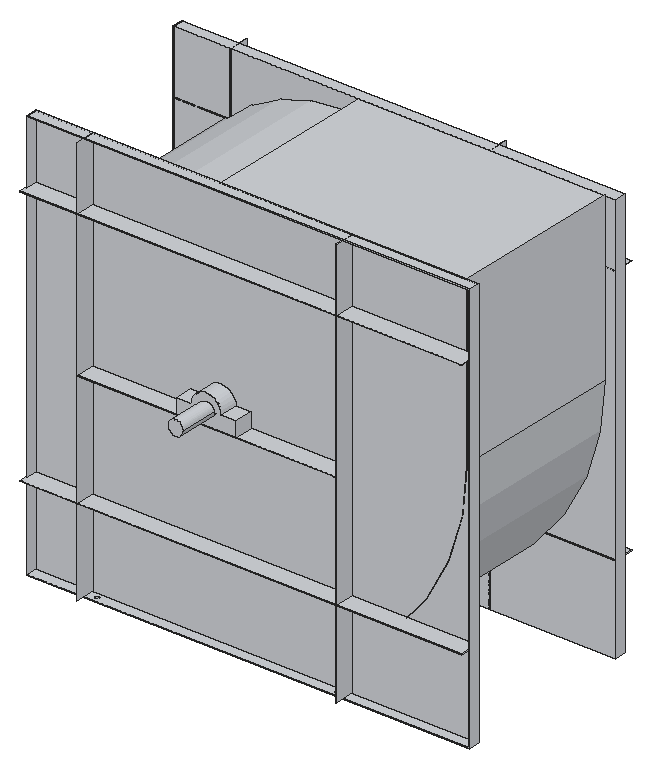
Revit family "CA-4_SWSI_ARR_3_CCW_UBD", category Mechanical Equipment, Revit 2019
Family settings
  Round Connector Dimension = Use Radius
  Part Type = Normal
  Work Plane-Based = No
  Always vertical = Yes
  Cut with Voids When Loaded = No
  Shared = No
  Room Calculation Point = No
Parameters (values of type "600_CA-4_SWSI_ARR_3_CCW_UBD_CLASS_3")
  S = 32"
  R = 49 5/16"
  P = 24 21/32"
  O/2 = O / 2  # 17/32"
  O = 1 1/16"
  N/2 = N / 2  # 1 31/32"
  N = 3 15/16"
  ModelID [instance] = ""
  M = 66 11/16"
  L = 10"
  K = 56 11/16"
  J = 3"
  INLET_RAD/2 = INLET_RAD / 2  # 16 1/2"
  INLET_RAD+1.5" = INLET_RAD + 1 1/2"  # 34 1/2"
  INLET_RAD = INLET_DIA / 2  # 33"
  INLET_DIA = 66"
  H = 51 5/8"
  E = 49 3/4"
  F-E = F - E  # 68 1/4"
  F = 118"
  G = 109 5/8"
  Unit Weight [instance] = ""
  Sones [instance] = ""
  Motor RPM [instance] = ""
  Motor Enclosure [instance] = ""
  LwA [instance] = ""
  Fan RPM [instance] = ""
  E-(INLET_RAD+1.5") = G - H - (INLET_RAD + 1 1/2")  # 23 1/2"
  E+(INLET_RAD+1.5") = G - H + (INLET_RAD + 1 1/2")  # 92 1/2"
  G-H = G - H  # 58"
  D-((D-B)/2) = D - ((D - B) / 2)  # 48 13/16"
  D = 51 13/16"
  B = 45 13/16"
  Accessories [instance] = ""
  A = 65 5/8"
  3" = 3"  # constant formula
  Brake Hp [instance] = ""
  4" = 4"  # constant formula
  2N = N + N  # 7 7/8"
  2' = 24"
  2" = 2"  # constant formula
  1" = 1"  # constant formula
  0 = 0"  # constant formula
  Voltage [instance] = 0 V
  URL = "www.lorencook.com"
  Type Comments = "Airfoil Centrifugal Blower Arrangement 3 Counter-Clockwise Up Blast Discharge"  # constant formula
  Static Pressure [instance] = 0.00 in-wg
  Power [instance] = Voltage * Motor FLA * sqrt(if(Phase = 3, 3, 1))  # 0 VA
  Phase [instance] = 0
  Number of Poles [instance] = 1
  Motor Hp [instance] = "0"
  Motor FLA [instance] = 0 A
  Model = "CA-4 SWSI ARR 3 CCW UBD CLASS 3"
  Manufacturer = "Loren Cook Company"
  CFM [instance] = 0 CFM
  1.5 = 1 1/2"  # constant formula
  ONE EIGTH = 1/8"  # constant formula
  -(((K-B)/2)-.125") = -(((K - B) / 2) - 1/8")  # -5 5/16"
  (R-B)/2 = (R - B) / 2  # 1 3/4"
  ((K-B)/2)+B = ((K - B) / 2) + B  # 51 1/4"
  (D-B)/2 = (D - B) / 2  # 3"
  -(((K-B)/2)+L) = -(((K - B) / 2) + L)  # -15 7/16"
  ((D-B)/2)-.125" = ((D - B) / 2) - 1/8"  # 2 7/8"
Types (55): name | S | R | P | O/2 | O | N/2 | N | M | L | K | J | INLET_RAD/2 | INLET_RAD+1.5" | INLET_RAD | INLET_DIA | H | E | F-E | F | G | E-(INLET_RAD+1.5") | E+(INLET_RAD+1.5") | G-H | D-((D-B)/2) | D | B | A | 2N | Model | -(((K-B)/2)-.125") | (R-B)/2 | ((K-B)/2)+B | (D-B)/2 | -(((K-B)/2)+L) | ((D-B)/2)-.125"
  (no name) | 32" | 49 5/16" | 24 21/32" | 17/32" | 1 1/16" | 1 31/32" | 3 15/16" | 66 11/16" | 10" | 56 11/16" | 3" | 16 1/2" | 34 1/2" | 33" | 66" | 51 5/8" | 49 3/4" | 68 1/4" | 118" | 109 5/8" | 23 1/2" | 92 1/2" | 58" | 48 13/16" | 51 13/16" | 45 13/16" | 65 5/8" | 7 7/8" | "CA-4 SWSI ARR 3 CCW UBD CLASS 3" | -5 5/16" | 1 3/4" | 51 1/4" | 3" | -15 7/16" | 2 7/8"
  120_CA-4_SWSI_ARR_3_CCW_UBD_CLASS_1 | 7 1/2" | 11 7/16" | 5 23/32" | 11/32" | 11/16" | 1/2" | 1" | 18 7/8" | 3" | 15 7/8" | 2" | 4 1/16" | 9 5/8" | 8 1/8" | 16 1/4" | 10 3/8" | 10 3/4" | 15" | 25 3/4" | 22 3/4" | 2 3/4" | 22" | 12 3/8" | 11 3/16" | 13 3/16" | 9 3/16" | 13 1/8" | 2" | "CA-4 SWSI ARR 3 CCW UBD CLASS 1" | -3 7/32" | 1 1/8" | 12 17/32" | 2" | -6 11/32" | 1 7/8"
  120_CA-4_SWSI_ARR_3_CCW_UBD_CLASS_2 | 7 1/2" | 11 7/16" | 5 23/32" | 11/32" | 11/16" | 1/2" | 1" | 18 7/8" | 3" | 15 7/8" | 2" | 4 1/16" | 9 5/8" | 8 1/8" | 16 1/4" | 10 3/8" | 10 3/4" | 15" | 25 3/4" | 22 3/4" | 2 3/4" | 22" | 12 3/8" | 11 3/16" | 13 3/16" | 9 3/16" | 13 1/8" | 2" | "CA-4 SWSI ARR 3 CCW UBD CLASS 2" | -3 7/32" | 1 1/8" | 12 17/32" | 2" | -6 11/32" | 1 7/8"
  120_CA-4_SWSI_ARR_3_CCW_UBD_CLASS_3 | 7 1/2" | 11 7/16" | 5 23/32" | 11/32" | 11/16" | 19/32" | 1 3/16" | 18 7/8" | 3" | 15 7/8" | 2" | 4 1/16" | 9 5/8" | 8 1/8" | 16 1/4" | 10 3/8" | 10 3/4" | 15" | 25 3/4" | 22 3/4" | 2 3/4" | 22" | 12 3/8" | 11 3/16" | 13 3/16" | 9 3/16" | 13 1/8" | 2 3/8" | "CA-4 SWSI ARR 3 CCW UBD CLASS 3" | -3 7/32" | 1 1/8" | 12 17/32" | 2" | -6 11/32" | 1 7/8"
  135_CA-4_SWSI_ARR_3_CCW_UBD_CLASS_1 | 8 1/2" | 12 9/16" | 6 9/32" | 11/32" | 11/16" | 1/2" | 1" | 20" | 3" | 17" | 2" | 4 7/16" | 10 3/8" | 8 7/8" | 17 3/4" | 11 5/8" | 12" | 16 3/4" | 28 3/4" | 25 1/2" | 3 1/2" | 24 1/4" | 13 7/8" | 12 5/16" | 14 5/16" | 10 5/16" | 14 3/4" | 2" | "CA-4 SWSI ARR 3 CCW UBD CLASS 1" | -3 7/32" | 1 1/8" | 13 21/32" | 2" | -6 11/32" | 1 7/8"
  135_CA-4_SWSI_ARR_3_CCW_UBD_CLASS_2 | 8 1/2" | 12 9/16" | 6 9/32" | 11/32" | 11/16" | 1/2" | 1" | 20" | 3" | 17" | 2" | 4 7/16" | 10 3/8" | 8 7/8" | 17 3/4" | 11 5/8" | 12" | 16 3/4" | 28 3/4" | 25 1/2" | 3 1/2" | 24 1/4" | 13 7/8" | 12 5/16" | 14 5/16" | 10 5/16" | 14 3/4" | 2" | "CA-4 SWSI ARR 3 CCW UBD CLASS 2" | -3 7/32" | 1 1/8" | 13 21/32" | 2" | -6 11/32" | 1 7/8"
  135_CA-4_SWSI_ARR_3_CCW_UBD_CLASS_3 | 8 1/2" | 12 9/16" | 6 9/32" | 11/32" | 11/16" | 19/32" | 1 3/16" | 20" | 3" | 17" | 2" | 4 7/16" | 10 3/8" | 8 7/8" | 17 3/4" | 11 5/8" | 12" | 16 3/4" | 28 3/4" | 25 1/2" | 3 1/2" | 24 1/4" | 13 7/8" | 12 5/16" | 14 5/16" | 10 5/16" | 14 3/4" | 2 3/8" | "CA-4 SWSI ARR 3 CCW UBD CLASS 3" | -3 7/32" | 1 1/8" | 13 21/32" | 2" | -6 11/32" | 1 7/8"
  150_CA-4_SWSI_ARR_3_CCW_UBD_CLASS_1 | 9" | 13 11/16" | 6 27/32" | 11/32" | 11/16" | 1/2" | 1" | 21 1/8" | 3" | 18 1/8" | 2" | 4 13/16" | 11 1/8" | 9 5/8" | 19 1/4" | 12 7/8" | 13 1/4" | 18 3/8" | 31 5/8" | 28 1/8" | 4 1/8" | 26 3/8" | 15 1/4" | 13 7/16" | 15 7/16" | 11 7/16" | 16 7/16" | 2" | "CA-4 SWSI ARR 3 CCW UBD CLASS 1" | -3 7/32" | 1 1/8" | 14 25/32" | 2" | -6 11/32" | 1 7/8"
  150_CA-4_SWSI_ARR_3_CCW_UBD_CLASS_2 | 9" | 13 11/16" | 6 27/32" | 11/32" | 11/16" | 19/32" | 1 3/16" | 21 1/8" | 3" | 18 1/8" | 2" | 4 13/16" | 11 1/8" | 9 5/8" | 19 1/4" | 12 7/8" | 13 1/4" | 18 3/8" | 31 5/8" | 28 1/8" | 4 1/8" | 26 3/8" | 15 1/4" | 13 7/16" | 15 7/16" | 11 7/16" | 16 7/16" | 2 3/8" | "CA-4 SWSI ARR 3 CCW UBD CLASS 2" | -3 7/32" | 1 1/8" | 14 25/32" | 2" | -6 11/32" | 1 7/8"
  150_CA-4_SWSI_ARR_3_CCW_UBD_CLASS_3 | 9" | 13 11/16" | 6 27/32" | 11/32" | 11/16" | 23/32" | 1 7/16" | 21 1/8" | 3" | 18 1/8" | 2" | 4 13/16" | 11 1/8" | 9 5/8" | 19 1/4" | 12 7/8" | 13 1/4" | 18 3/8" | 31 5/8" | 28 1/8" | 4 1/8" | 26 3/8" | 15 1/4" | 13 7/16" | 15 7/16" | 11 7/16" | 16 7/16" | 2 7/8" | "CA-4 SWSI ARR 3 CCW UBD CLASS 3" | -3 7/32" | 1 1/8" | 14 25/32" | 2" | -6 11/32" | 1 7/8"
  165_CA-4_SWSI_ARR_3_CCW_UBD_CLASS_1 | 10" | 14 7/8" | 7 7/16" | 11/32" | 11/16" | 1/2" | 1" | 23 15/16" | 4" | 19 5/16" | 2" | 5 5/16" | 12 1/8" | 10 5/8" | 21 1/4" | 14 1/4" | 14 3/8" | 20" | 34 3/8" | 30 7/8" | 4 1/2" | 28 3/4" | 16 5/8" | 14 5/8" | 16 5/8" | 12 5/8" | 18 1/16" | 2" | "CA-4 SWSI ARR 3 CCW UBD CLASS 1" | -3 7/32" | 1 1/8" | 15 31/32" | 2" | -7 11/32" | 1 7/8"
  165_CA-4_SWSI_ARR_3_CCW_UBD_CLASS_2 | 10" | 14 7/8" | 7 7/16" | 11/32" | 11/16" | 19/32" | 1 3/16" | 23 15/16" | 4" | 19 5/16" | 2" | 5 5/16" | 12 1/8" | 10 5/8" | 21 1/4" | 14 1/4" | 14 3/8" | 20" | 34 3/8" | 30 7/8" | 4 1/2" | 28 3/4" | 16 5/8" | 14 5/8" | 16 5/8" | 12 5/8" | 18 1/16" | 2 3/8" | "CA-4 SWSI ARR 3 CCW UBD CLASS 2" | -3 7/32" | 1 1/8" | 15 31/32" | 2" | -7 11/32" | 1 7/8"
  165_CA-4_SWSI_ARR_3_CCW_UBD_CLASS_3 | 10" | 14 7/8" | 7 7/16" | 11/32" | 11/16" | 23/32" | 1 7/16" | 23 15/16" | 4" | 19 5/16" | 2" | 5 5/16" | 12 1/8" | 10 5/8" | 21 1/4" | 14 1/4" | 14 3/8" | 20" | 34 3/8" | 30 7/8" | 4 1/2" | 28 3/4" | 16 5/8" | 14 5/8" | 16 5/8" | 12 5/8" | 18 1/16" | 2 7/8" | "CA-4 SWSI ARR 3 CCW UBD CLASS 3" | -3 7/32" | 1 1/8" | 15 31/32" | 2" | -7 11/32" | 1 7/8"
  180_CA-4_SWSI_ARR_3_CCW_UBD_CLASS_1 | 11" | 16" | 8" | 11/32" | 11/16" | 19/32" | 1 3/16" | 24 15/16" | 4 1/2" | 20 7/16" | 2" | 5 11/16" | 12 7/8" | 11 3/8" | 22 3/4" | 15 1/2" | 15 5/8" | 21 1/2" | 37 1/8" | 33 5/8" | 5 1/4" | 31" | 18 1/8" | 15 3/4" | 17 3/4" | 13 3/4" | 19 11/16" | 2 3/8" | "CA-4 SWSI ARR 3 CCW UBD CLASS 1" | -3 7/32" | 1 1/8" | 17 3/32" | 2" | -7 27/32" | 1 7/8"
  180_CA-4_SWSI_ARR_3_CCW_UBD_CLASS_2 | 11" | 16" | 8" | 11/32" | 11/16" | 23/32" | 1 7/16" | 24 15/16" | 4 1/2" | 20 7/16" | 2" | 5 11/16" | 12 7/8" | 11 3/8" | 22 3/4" | 15 1/2" | 15 5/8" | 21 1/2" | 37 1/8" | 33 5/8" | 5 1/4" | 31" | 18 1/8" | 15 3/4" | 17 3/4" | 13 3/4" | 19 11/16" | 2 7/8" | "CA-4 SWSI ARR 3 CCW UBD CLASS 2" | -3 7/32" | 1 1/8" | 17 3/32" | 2" | -7 27/32" | 1 7/8"
  180_CA-4_SWSI_ARR_3_CCW_UBD_CLASS_3 | 11" | 16" | 8" | 11/32" | 11/16" | 27/32" | 1 11/16" | 24 15/16" | 4 1/2" | 20 7/16" | 2" | 5 11/16" | 12 7/8" | 11 3/8" | 22 3/4" | 15 1/2" | 15 5/8" | 21 1/2" | 37 1/8" | 33 5/8" | 5 1/4" | 31" | 18 1/8" | 15 3/4" | 17 3/4" | 13 3/4" | 19 11/16" | 3 3/8" | "CA-4 SWSI ARR 3 CCW UBD CLASS 3" | -3 7/32" | 1 1/8" | 17 3/32" | 2" | -7 27/32" | 1 7/8"
  195_CA-4_SWSI_ARR_3_CCW_UBD_CLASS_1 | 11 1/2" | 17 3/16" | 8 19/32" | 11/32" | 11/16" | 23/32" | 1 7/16" | 27 3/16" | 4 1/2" | 22 11/16" | 2" | 6 1/16" | 13 5/8" | 12 1/8" | 24 1/4" | 16 3/4" | 16 3/4" | 23 1/4" | 40" | 36 1/4" | 5 7/8" | 33 1/8" | 19 1/2" | 16 15/16" | 18 15/16" | 14 15/16" | 21 5/16" | 2 7/8" | "CA-4 SWSI ARR 3 CCW UBD CLASS 1" | -3 3/4" | 1 1/8" | 18 13/16" | 2" | -8 3/8" | 1 7/8"
  195_CA-4_SWSI_ARR_3_CCW_UBD_CLASS_2 | 11 1/2" | 17 3/16" | 8 19/32" | 11/32" | 11/16" | 23/32" | 1 7/16" | 27 3/16" | 4 1/2" | 22 11/16" | 2" | 6 1/16" | 13 5/8" | 12 1/8" | 24 1/4" | 16 3/4" | 16 3/4" | 23 1/4" | 40" | 36 1/4" | 5 7/8" | 33 1/8" | 19 1/2" | 16 15/16" | 18 15/16" | 14 15/16" | 21 5/16" | 2 7/8" | "CA-4 SWSI ARR 3 CCW UBD CLASS 2" | -3 3/4" | 1 1/8" | 18 13/16" | 2" | -8 3/8" | 1 7/8"
  195_CA-4_SWSI_ARR_3_CCW_UBD_CLASS_3 | 11 1/2" | 17 3/16" | 8 19/32" | 11/32" | 11/16" | 27/32" | 1 11/16" | 27 3/16" | 4 1/2" | 22 11/16" | 2" | 6 1/16" | 13 5/8" | 12 1/8" | 24 1/4" | 16 3/4" | 16 3/4" | 23 1/4" | 40" | 36 1/4" | 5 7/8" | 33 1/8" | 19 1/2" | 16 15/16" | 18 15/16" | 14 15/16" | 21 5/16" | 3 3/8" | "CA-4 SWSI ARR 3 CCW UBD CLASS 3" | -3 3/4" | 1 1/8" | 18 13/16" | 2" | -8 3/8" | 1 7/8"
  210_CA-4_SWSI_ARR_3_CCW_UBD_CLASS_1 | 12" | 18 5/16" | 9 5/32" | 13/32" | 13/16" | 23/32" | 1 7/16" | 28 13/16" | 5" | 23 13/16" | 2" | 6 1/2" | 14 1/2" | 13" | 26" | 18 1/8" | 18" | 24 7/8" | 42 7/8" | 39 1/8" | 6 1/2" | 35 1/2" | 21" | 18 1/16" | 20 1/16" | 16 1/16" | 23" | 2 7/8" | "CA-4 SWSI ARR 3 CCW UBD CLASS 1" | -3 3/4" | 1 1/8" | 19 15/16" | 2" | -8 7/8" | 1 7/8"
  210_CA-4_SWSI_ARR_3_CCW_UBD_CLASS_2 | 12" | 18 5/16" | 9 5/32" | 13/32" | 13/16" | 23/32" | 1 7/16" | 28 13/16" | 5" | 23 13/16" | 2" | 6 1/2" | 14 1/2" | 13" | 26" | 18 1/8" | 18" | 24 7/8" | 42 7/8" | 39 1/8" | 6 1/2" | 35 1/2" | 21" | 18 1/16" | 20 1/16" | 16 1/16" | 23" | 2 7/8" | "CA-4 SWSI ARR 3 CCW UBD CLASS 2" | -3 3/4" | 1 1/8" | 19 15/16" | 2" | -8 7/8" | 1 7/8"
  210_CA-4_SWSI_ARR_3_CCW_UBD_CLASS_3 | 12" | 18 5/16" | 9 5/32" | 13/32" | 13/16" | 27/32" | 1 11/16" | 28 13/16" | 5" | 23 13/16" | 2" | 6 1/2" | 14 1/2" | 13" | 26" | 18 1/8" | 18" | 24 7/8" | 42 7/8" | 39 1/8" | 6 1/2" | 35 1/2" | 21" | 18 1/16" | 20 1/16" | 16 1/16" | 23" | 3 3/8" | "CA-4 SWSI ARR 3 CCW UBD CLASS 3" | -3 3/4" | 1 1/8" | 19 15/16" | 2" | -8 7/8" | 1 7/8"
  225_CA-4_SWSI_ARR_3_CCW_UBD_CLASS_1 | 12 1/2" | 19 7/16" | 9 23/32" | 13/32" | 13/16" | 23/32" | 1 7/16" | 29 15/16" | 5" | 24 15/16" | 2" | 6 7/8" | 15 1/4" | 13 3/4" | 27 1/2" | 19 3/8" | 19 1/4" | 26 1/2" | 45 3/4" | 41 3/4" | 7 1/8" | 37 5/8" | 22 3/8" | 19 3/16" | 21 3/16" | 17 3/16" | 24 5/8" | 2 7/8" | "CA-4 SWSI ARR 3 CCW UBD CLASS 1" | -3 3/4" | 1 1/8" | 21 1/16" | 2" | -8 7/8" | 1 7/8"
  225_CA-4_SWSI_ARR_3_CCW_UBD_CLASS_2 | 12 1/2" | 19 7/16" | 9 23/32" | 13/32" | 13/16" | 23/32" | 1 7/16" | 29 15/16" | 5" | 24 15/16" | 2" | 6 7/8" | 15 1/4" | 13 3/4" | 27 1/2" | 19 3/8" | 19 1/4" | 26 1/2" | 45 3/4" | 41 3/4" | 7 1/8" | 37 5/8" | 22 3/8" | 19 3/16" | 21 3/16" | 17 3/16" | 24 5/8" | 2 7/8" | "CA-4 SWSI ARR 3 CCW UBD CLASS 2" | -3 3/4" | 1 1/8" | 21 1/16" | 2" | -8 7/8" | 1 7/8"
  225_CA-4_SWSI_ARR_3_CCW_UBD_CLASS_3 | 12 1/2" | 19 7/16" | 9 23/32" | 13/32" | 13/16" | 27/32" | 1 11/16" | 29 15/16" | 5" | 24 15/16" | 2" | 6 7/8" | 15 1/4" | 13 3/4" | 27 1/2" | 19 3/8" | 19 1/4" | 26 1/2" | 45 3/4" | 41 3/4" | 7 1/8" | 37 5/8" | 22 3/8" | 19 3/16" | 21 3/16" | 17 3/16" | 24 5/8" | 3 3/8" | "CA-4 SWSI ARR 3 CCW UBD CLASS 3" | -3 3/4" | 1 1/8" | 21 1/16" | 2" | -8 7/8" | 1 7/8"
  245_CA-4_SWSI_ARR_3_CCW_UBD_CLASS_1 | 13 1/2" | 21" | 10 1/2" | 13/32" | 13/16" | 23/32" | 1 7/16" | 32" | 5 1/2" | 26 1/2" | 2" | 7 3/8" | 16 1/4" | 14 3/4" | 29 1/2" | 21 1/8" | 20 7/8" | 28 5/8" | 49 1/2" | 45 3/8" | 8" | 40 1/2" | 24 1/4" | 20 3/4" | 22 3/4" | 18 3/4" | 26 13/16" | 2 7/8" | "CA-4 SWSI ARR 3 CCW UBD CLASS 1" | -3 3/4" | 1 1/8" | 22 5/8" | 2" | -9 3/8" | 1 7/8"
  245_CA-4_SWSI_ARR_3_CCW_UBD_CLASS_2 | 13 1/2" | 21" | 10 1/2" | 13/32" | 13/16" | 27/32" | 1 11/16" | 32" | 5 1/2" | 26 1/2" | 2" | 7 3/8" | 16 1/4" | 14 3/4" | 29 1/2" | 21 1/8" | 20 7/8" | 28 5/8" | 49 1/2" | 45 3/8" | 8" | 40 1/2" | 24 1/4" | 20 3/4" | 22 3/4" | 18 3/4" | 26 13/16" | 3 3/8" | "CA-4 SWSI ARR 3 CCW UBD CLASS 2" | -3 3/4" | 1 1/8" | 22 5/8" | 2" | -9 3/8" | 1 7/8"
  245_CA-4_SWSI_ARR_3_CCW_UBD_CLASS_3 | 13 1/2" | 21" | 10 1/2" | 13/32" | 13/16" | 31/32" | 1 15/16" | 32" | 5 1/2" | 26 1/2" | 2" | 7 3/8" | 16 1/4" | 14 3/4" | 29 1/2" | 21 1/8" | 20 7/8" | 28 5/8" | 49 1/2" | 45 3/8" | 8" | 40 1/2" | 24 1/4" | 20 3/4" | 22 3/4" | 18 3/4" | 26 13/16" | 3 7/8" | "CA-4 SWSI ARR 3 CCW UBD CLASS 3" | -3 3/4" | 1 1/8" | 22 5/8" | 2" | -9 3/8" | 1 7/8"
  270_CA-4_SWSI_ARR_3_CCW_UBD_CLASS_1 | 15" | 22 7/8" | 11 7/16" | 13/32" | 13/16" | 23/32" | 1 7/16" | 34 3/8" | 6" | 28 3/8" | 2" | 8" | 17 1/2" | 16" | 32" | 23 1/4" | 23 3/8" | 31 3/8" | 54 3/4" | 49 7/8" | 9 1/8" | 44 1/8" | 26 5/8" | 22 5/8" | 24 5/8" | 20 5/8" | 29 9/16" | 2 7/8" | "CA-4 SWSI ARR 3 CCW UBD CLASS 1" | -3 3/4" | 1 1/8" | 24 1/2" | 2" | -9 7/8" | 1 7/8"
  270_CA-4_SWSI_ARR_3_CCW_UBD_CLASS_2 | 15" | 22 7/8" | 11 7/16" | 13/32" | 13/16" | 27/32" | 1 11/16" | 34 3/8" | 6" | 28 3/8" | 2" | 8" | 17 1/2" | 16" | 32" | 23 1/4" | 23 3/8" | 31 3/8" | 54 3/4" | 49 7/8" | 9 1/8" | 44 1/8" | 26 5/8" | 22 5/8" | 24 5/8" | 20 5/8" | 29 9/16" | 3 3/8" | "CA-4 SWSI ARR 3 CCW UBD CLASS 2" | -3 3/4" | 1 1/8" | 24 1/2" | 2" | -9 7/8" | 1 7/8"
  270_CA-4_SWSI_ARR_3_CCW_UBD_CLASS_3 | 15" | 22 7/8" | 11 7/16" | 13/32" | 13/16" | 31/32" | 1 15/16" | 34 3/8" | 6" | 28 3/8" | 2" | 8" | 17 1/2" | 16" | 32" | 23 1/4" | 23 3/8" | 31 3/8" | 54 3/4" | 49 7/8" | 9 1/8" | 44 1/8" | 26 5/8" | 22 5/8" | 24 5/8" | 20 5/8" | 29 9/16" | 3 7/8" | "CA-4 SWSI ARR 3 CCW UBD CLASS 3" | -3 3/4" | 1 1/8" | 24 1/2" | 2" | -9 7/8" | 1 7/8"
  300_CA-4_SWSI_ARR_3_CCW_UBD_CLASS_1 | 16 1/2" | 25 3/16" | 12 19/32" | 13/32" | 13/16" | 27/32" | 1 11/16" | 37 3/16" | 6 1/2" | 30 11/16" | 2" | 8 3/4" | 19" | 17 1/2" | 35" | 25 7/8" | 25 3/8" | 34 5/8" | 60" | 55 3/8" | 10 1/2" | 48 1/2" | 29 1/2" | 24 15/16" | 26 15/16" | 22 15/16" | 32 13/16" | 3 3/8" | "CA-4 SWSI ARR 3 CCW UBD CLASS 1" | -3 3/4" | 1 1/8" | 26 13/16" | 2" | -10 3/8" | 1 7/8"
  300_CA-4_SWSI_ARR_3_CCW_UBD_CLASS_2 | 16 1/2" | 25 3/16" | 12 19/32" | 13/32" | 13/16" | 31/32" | 1 15/16" | 37 3/16" | 6 1/2" | 30 11/16" | 2" | 8 3/4" | 19" | 17 1/2" | 35" | 25 7/8" | 25 3/8" | 34 5/8" | 60" | 55 3/8" | 10 1/2" | 48 1/2" | 29 1/2" | 24 15/16" | 26 15/16" | 22 15/16" | 32 13/16" | 3 7/8" | "CA-4 SWSI ARR 3 CCW UBD CLASS 2" | -3 3/4" | 1 1/8" | 26 13/16" | 2" | -10 3/8" | 1 7/8"
  300_CA-4_SWSI_ARR_3_CCW_UBD_CLASS_3 | 16 1/2" | 25 3/16" | 12 19/32" | 13/32" | 13/16" | 1 3/32" | 2 3/16" | 37 3/16" | 6 1/2" | 30 11/16" | 2" | 8 3/4" | 19" | 17 1/2" | 35" | 25 7/8" | 25 3/8" | 34 5/8" | 60" | 55 3/8" | 10 1/2" | 48 1/2" | 29 1/2" | 24 15/16" | 26 15/16" | 22 15/16" | 32 13/16" | 4 3/8" | "CA-4 SWSI ARR 3 CCW UBD CLASS 3" | -3 3/4" | 1 1/8" | 26 13/16" | 2" | -10 3/8" | 1 7/8"
  330_CA-4_SWSI_ARR_3_CCW_UBD_CLASS_1 | 18" | 27 1/2" | 13 3/4" | 13/32" | 13/16" | 27/32" | 1 11/16" | 40" | 7" | 33" | 2" | 9 1/2" | 20 1/2" | 19" | 38" | 28 3/8" | 27 7/8" | 37 7/8" | 65 3/4" | 60 3/4" | 11 7/8" | 52 7/8" | 32 3/8" | 27 1/4" | 29 1/4" | 25 1/4" | 36 1/8" | 3 3/8" | "CA-4 SWSI ARR 3 CCW UBD CLASS 1" | -3 3/4" | 1 1/8" | 29 1/8" | 2" | -10 7/8" | 1 7/8"
  330_CA-4_SWSI_ARR_3_CCW_UBD_CLASS_2 | 18" | 27 1/2" | 13 3/4" | 13/32" | 13/16" | 1 3/32" | 2 3/16" | 40" | 7" | 33" | 2" | 9 1/2" | 20 1/2" | 19" | 38" | 28 3/8" | 27 7/8" | 37 7/8" | 65 3/4" | 60 3/4" | 11 7/8" | 52 7/8" | 32 3/8" | 27 1/4" | 29 1/4" | 25 1/4" | 36 1/8" | 4 3/8" | "CA-4 SWSI ARR 3 CCW UBD CLASS 2" | -3 3/4" | 1 1/8" | 29 1/8" | 2" | -10 7/8" | 1 7/8"
  330_CA-4_SWSI_ARR_3_CCW_UBD_CLASS_3 | 18" | 27 1/2" | 13 3/4" | 13/32" | 13/16" | 1 3/32" | 2 3/16" | 40" | 7" | 33" | 2" | 9 1/2" | 20 1/2" | 19" | 38" | 28 3/8" | 27 7/8" | 37 7/8" | 65 3/4" | 60 3/4" | 11 7/8" | 52 7/8" | 32 3/8" | 27 1/4" | 29 1/4" | 25 1/4" | 36 1/8" | 4 3/8" | "CA-4 SWSI ARR 3 CCW UBD CLASS 3" | -3 3/4" | 1 1/8" | 29 1/8" | 2" | -10 7/8" | 1 7/8"
  365_CA-4_SWSI_ARR_3_CCW_UBD_CLASS_1 | 20" | 30 1/8" | 15 1/16" | 13/32" | 13/16" | 31/32" | 1 15/16" | 43 1/8" | 7 1/2" | 35 5/8" | 2" | 10 3/8" | 22 1/4" | 20 3/4" | 41 1/2" | 31 3/8" | 30 5/8" | 41 3/4" | 72 3/8" | 67" | 13 3/8" | 57 7/8" | 35 5/8" | 29 7/8" | 31 7/8" | 27 7/8" | 39 15/16" | 3 7/8" | "CA-4 SWSI ARR 3 CCW UBD CLASS 1" | -3 3/4" | 1 1/8" | 31 3/4" | 2" | -11 3/8" | 1 7/8"
  365_CA-4_SWSI_ARR_3_CCW_UBD_CLASS_2 | 20" | 30 1/8" | 15 1/16" | 13/32" | 13/16" | 1 7/32" | 2 7/16" | 43 1/8" | 7 1/2" | 35 5/8" | 2" | 10 3/8" | 22 1/4" | 20 3/4" | 41 1/2" | 31 3/8" | 30 5/8" | 41 3/4" | 72 3/8" | 67" | 13 3/8" | 57 7/8" | 35 5/8" | 29 7/8" | 31 7/8" | 27 7/8" | 39 15/16" | 4 7/8" | "CA-4 SWSI ARR 3 CCW UBD CLASS 2" | -3 3/4" | 1 1/8" | 31 3/4" | 2" | -11 3/8" | 1 7/8"
  365_CA-4_SWSI_ARR_3_CCW_UBD_CLASS_3 | 20" | 30 1/8" | 15 1/16" | 13/32" | 13/16" | 1 7/32" | 2 7/16" | 43 1/8" | 7 1/2" | 35 5/8" | 2" | 10 3/8" | 22 1/4" | 20 3/4" | 41 1/2" | 31 3/8" | 30 5/8" | 41 3/4" | 72 3/8" | 67" | 13 3/8" | 57 7/8" | 35 5/8" | 29 7/8" | 31 7/8" | 27 7/8" | 39 15/16" | 4 7/8" | "CA-4 SWSI ARR 3 CCW UBD CLASS 3" | -3 3/4" | 1 1/8" | 31 3/4" | 2" | -11 3/8" | 1 7/8"
  402_CA-4_SWSI_ARR_3_CCW_UBD_CLASS_1 | 22" | 34 1/4" | 17 1/8" | 17/32" | 1 1/16" | 31/32" | 1 15/16" | 46 5/8" | 8" | 38 5/8" | 3" | 11 5/16" | 24 1/8" | 22 5/8" | 45 1/4" | 34 5/8" | 33 5/8" | 46 3/4" | 80 3/8" | 73 7/8" | 15 1/8" | 63 3/8" | 39 1/4" | 33 3/4" | 36 3/4" | 30 3/4" | 44 1/16" | 3 7/8" | "CA-4 SWSI ARR 3 CCW UBD CLASS 1" | -3 13/16" | 1 3/4" | 34 11/16" | 3" | -11 15/16" | 2 7/8"
  402_CA-4_SWSI_ARR_3_CCW_UBD_CLASS_2 | 22" | 34 1/4" | 17 1/8" | 17/32" | 1 1/16" | 1 7/32" | 2 7/16" | 46 5/8" | 8" | 38 5/8" | 3" | 11 5/16" | 24 1/8" | 22 5/8" | 45 1/4" | 34 5/8" | 33 5/8" | 46 3/4" | 80 3/8" | 73 7/8" | 15 1/8" | 63 3/8" | 39 1/4" | 33 3/4" | 36 3/4" | 30 3/4" | 44 1/16" | 4 7/8" | "CA-4 SWSI ARR 3 CCW UBD CLASS 2" | -3 13/16" | 1 3/4" | 34 11/16" | 3" | -11 15/16" | 2 7/8"
  402_CA-4_SWSI_ARR_3_CCW_UBD_CLASS_3 | 22" | 34 1/4" | 17 1/8" | 17/32" | 1 1/16" | 1 11/32" | 2 11/16" | 46 5/8" | 8" | 38 5/8" | 3" | 11 5/16" | 24 1/8" | 22 5/8" | 45 1/4" | 34 5/8" | 33 5/8" | 46 3/4" | 80 3/8" | 73 7/8" | 15 1/8" | 63 3/8" | 39 1/4" | 33 3/4" | 36 3/4" | 30 3/4" | 44 1/16" | 5 3/8" | "CA-4 SWSI ARR 3 CCW UBD CLASS 3" | -3 13/16" | 1 3/4" | 34 11/16" | 3" | -11 15/16" | 2 7/8"
  445_CA-4_SWSI_ARR_3_CCW_UBD_CLASS_1 | 24" | 37 1/2" | 18 3/4" | 17/32" | 1 1/16" | 31/32" | 1 15/16" | 50 3/8" | 8 1/2" | 41 7/8" | 3" | 12 3/8" | 26 1/4" | 24 3/4" | 49 1/2" | 38 1/4" | 37 1/8" | 51 3/8" | 88 1/2" | 81 1/2" | 17" | 69 1/2" | 43 1/4" | 37" | 40" | 34" | 48 11/16" | 3 7/8" | "CA-4 SWSI ARR 3 CCW UBD CLASS 1" | -3 13/16" | 1 3/4" | 37 15/16" | 3" | -12 7/16" | 2 7/8"
  445_CA-4_SWSI_ARR_3_CCW_UBD_CLASS_2 | 24" | 37 1/2" | 18 3/4" | 17/32" | 1 1/16" | 1 11/32" | 2 11/16" | 50 3/8" | 8 1/2" | 41 7/8" | 3" | 12 3/8" | 26 1/4" | 24 3/4" | 49 1/2" | 38 1/4" | 37 1/8" | 51 3/8" | 88 1/2" | 81 1/2" | 17" | 69 1/2" | 43 1/4" | 37" | 40" | 34" | 48 11/16" | 5 3/8" | "CA-4 SWSI ARR 3 CCW UBD CLASS 2" | -3 13/16" | 1 3/4" | 37 15/16" | 3" | -12 7/16" | 2 7/8"
  445_CA-4_SWSI_ARR_3_CCW_UBD_CLASS_3 | 24" | 37 1/2" | 18 3/4" | 17/32" | 1 1/16" | 1 15/32" | 2 15/16" | 50 3/8" | 8 1/2" | 41 7/8" | 3" | 12 3/8" | 26 1/4" | 24 3/4" | 49 1/2" | 38 1/4" | 37 1/8" | 51 3/8" | 88 1/2" | 81 1/2" | 17" | 69 1/2" | 43 1/4" | 37" | 40" | 34" | 48 11/16" | 5 7/8" | "CA-4 SWSI ARR 3 CCW UBD CLASS 3" | -3 13/16" | 1 3/4" | 37 15/16" | 3" | -12 7/16" | 2 7/8"
  490_CA-4_SWSI_ARR_3_CCW_UBD_CLASS_1 | 26 1/2" | 40 15/16" | 20 15/32" | 17/32" | 1 1/16" | 1 3/32" | 2 3/16" | 55 5/16" | 9" | 46 5/16" | 3" | 13 3/4" | 29" | 27 1/2" | 55" | 42 1/4" | 40 3/4" | 56 1/4" | 97" | 89 3/4" | 18 1/2" | 76 1/2" | 47 1/2" | 40 7/16" | 43 7/16" | 37 7/16" | 53 5/8" | 4 3/8" | "CA-4 SWSI ARR 3 CCW UBD CLASS 1" | -4 5/16" | 1 3/4" | 41 7/8" | 3" | -13 7/16" | 2 7/8"
  490_CA-4_SWSI_ARR_3_CCW_UBD_CLASS_2 | 26 1/2" | 40 15/16" | 20 15/32" | 17/32" | 1 1/16" | 1 11/32" | 2 11/16" | 55 5/16" | 9" | 46 5/16" | 3" | 13 3/4" | 29" | 27 1/2" | 55" | 42 1/4" | 40 3/4" | 56 1/4" | 97" | 89 3/4" | 18 1/2" | 76 1/2" | 47 1/2" | 40 7/16" | 43 7/16" | 37 7/16" | 53 5/8" | 5 3/8" | "CA-4 SWSI ARR 3 CCW UBD CLASS 2" | -4 5/16" | 1 3/4" | 41 7/8" | 3" | -13 7/16" | 2 7/8"
  490_CA-4_SWSI_ARR_3_CCW_UBD_CLASS_3 | 26 1/2" | 40 15/16" | 20 15/32" | 17/32" | 1 1/16" | 1 15/32" | 2 15/16" | 55 5/16" | 9" | 46 5/16" | 3" | 13 3/4" | 29" | 27 1/2" | 55" | 42 1/4" | 40 3/4" | 56 1/4" | 97" | 89 3/4" | 18 1/2" | 76 1/2" | 47 1/2" | 40 7/16" | 43 7/16" | 37 7/16" | 53 5/8" | 5 7/8" | "CA-4 SWSI ARR 3 CCW UBD CLASS 3" | -4 5/16" | 1 3/4" | 41 7/8" | 3" | -13 7/16" | 2 7/8"
  540_CA-4_SWSI_ARR_3_CCW_UBD_CLASS_1 | 29" | 44 3/4" | 22 3/8" | 17/32" | 1 1/16" | 1 23/32" | 3 7/16" | 61 5/8" | 9 1/2" | 52 1/8" | 3" | 15" | 31 1/2" | 30" | 60" | 46 1/2" | 44 7/8" | 61 3/4" | 106 5/8" | 98 3/4" | 20 3/4" | 83 3/4" | 52 1/4" | 44 1/4" | 47 1/4" | 41 1/4" | 59 1/16" | 6 7/8" | "CA-4 SWSI ARR 3 CCW UBD CLASS 1" | -5 5/16" | 1 3/4" | 46 11/16" | 3" | -14 15/16" | 2 7/8"
  540_CA-4_SWSI_ARR_3_CCW_UBD_CLASS_2 | 29" | 44 3/4" | 22 3/8" | 17/32" | 1 1/16" | 1 15/32" | 2 15/16" | 61 5/8" | 9 1/2" | 52 1/8" | 3" | 15" | 31 1/2" | 30" | 60" | 46 1/2" | 44 7/8" | 61 3/4" | 106 5/8" | 98 3/4" | 20 3/4" | 83 3/4" | 52 1/4" | 44 1/4" | 47 1/4" | 41 1/4" | 59 1/16" | 5 7/8" | "CA-4 SWSI ARR 3 CCW UBD CLASS 2" | -5 5/16" | 1 3/4" | 46 11/16" | 3" | -14 15/16" | 2 7/8"
  540_CA-4_SWSI_ARR_3_CCW_UBD_CLASS_3 | 29" | 44 3/4" | 22 3/8" | 17/32" | 1 1/16" | 1 23/32" | 3 7/16" | 61 5/8" | 9 1/2" | 52 1/8" | 3" | 15" | 31 1/2" | 30" | 60" | 46 1/2" | 44 7/8" | 61 3/4" | 106 5/8" | 98 3/4" | 20 3/4" | 83 3/4" | 52 1/4" | 44 1/4" | 47 1/4" | 41 1/4" | 59 1/16" | 6 7/8" | "CA-4 SWSI ARR 3 CCW UBD CLASS 3" | -5 5/16" | 1 3/4" | 46 11/16" | 3" | -14 15/16" | 2 7/8"
  600_CA-4_SWSI_ARR_3_CCW_UBD_CLASS_1 | 32" | 49 5/16" | 24 21/32" | 17/32" | 1 1/16" | 1 11/32" | 2 11/16" | 66 11/16" | 10" | 56 11/16" | 3" | 16 1/2" | 34 1/2" | 33" | 66" | 51 5/8" | 49 3/4" | 68 1/4" | 118" | 109 5/8" | 23 1/2" | 92 1/2" | 58" | 48 13/16" | 51 13/16" | 45 13/16" | 65 5/8" | 5 3/8" | "CA-4 SWSI ARR 3 CCW UBD CLASS 1" | -5 5/16" | 1 3/4" | 51 1/4" | 3" | -15 7/16" | 2 7/8"
  600_CA-4_SWSI_ARR_3_CCW_UBD_CLASS_2 | 32" | 49 5/16" | 24 21/32" | 17/32" | 1 1/16" | 1 23/32" | 3 7/16" | 66 11/16" | 10" | 56 11/16" | 3" | 16 1/2" | 34 1/2" | 33" | 66" | 51 5/8" | 49 3/4" | 68 1/4" | 118" | 109 5/8" | 23 1/2" | 92 1/2" | 58" | 48 13/16" | 51 13/16" | 45 13/16" | 65 5/8" | 6 7/8" | "CA-4 SWSI ARR 3 CCW UBD CLASS 2" | -5 5/16" | 1 3/4" | 51 1/4" | 3" | -15 7/16" | 2 7/8"
  600_CA-4_SWSI_ARR_3_CCW_UBD_CLASS_3 | 32" | 49 5/16" | 24 21/32" | 17/32" | 1 1/16" | 1 31/32" | 3 15/16" | 66 11/16" | 10" | 56 11/16" | 3" | 16 1/2" | 34 1/2" | 33" | 66" | 51 5/8" | 49 3/4" | 68 1/4" | 118" | 109 5/8" | 23 1/2" | 92 1/2" | 58" | 48 13/16" | 51 13/16" | 45 13/16" | 65 5/8" | 7 7/8" | "CA-4 SWSI ARR 3 CCW UBD CLASS 3" | -5 5/16" | 1 3/4" | 51 1/4" | 3" | -15 7/16" | 2 7/8"
Reference planes (in)
  plane 1 "Center (Front/Back)": y = 0
  plane 2: z = 0
  plane 3 "Center (Left/Right)": x = 0.40541
Forms (in)
  Extrusion 1, solid
    sketch origin (0, 0, 0) x (1, 0, 0) y (0, 0, 1)
      loop
        line (-49.34459, 0) -> (68.65541, 0) -> (68.65541, 109.625) -> (-49.34459, 109.625) -> (-49.34459, 0)
    from 0 to 3 <- "(D-B)/2"
  Extrusion 2, solid
    sketch origin (0, 0, 0) x (1, 0, 0) y (0, 0, 1)
      loop
        line (-49.34459, 109.625) -> (-49.34459, 0) -> (68.65541, 0) -> (68.65541, 109.625) -> (-49.34459, 109.625)
    from 51.8125 <- "D" to 48.8125 <- "D-((D-B)/2)"
  Extrusion 3, void
    sketch origin (0, 0, 0) x (1, 0, 0) y (0, 0, 1)
      loop
        line (-49.21959, 109.5) -> (-49.21959, 0.125) -> (68.53041, 0.125) -> (68.53041, 109.5) -> (-49.21959, 109.5)
    from 0 to 2.875 <- "((D-B)/2)-.125""
  Extrusion 4, void
    sketch origin (0, -51.8125, 0) x (-1, 0, 0) y (0, 0, 1)
      loop
        line (49.21959, 109.5) -> (-68.53041, 109.5) -> (-68.53041, 0.125) -> (49.21959, 0.125) -> (49.21959, 109.5)
    from 0 to 2.875 <- "((D-B)/2)-.125""
  Extrusion 5, solid
    sketch origin (0, -48.8125, 0) x (-1, 0, 0) y (0, 0, 1)
      loop
        circle (-0.40541, 58) r 1.96875
    from 51.25 <- "((K-B)/2)+B" to -15.4375 <- "-(((K-B)/2)+L)"
  Extrusion 6, solid
    sketch origin (0, -48.8125, 0) x (-1, 0, 0) y (0, 0, 1)
      loop
        line (7.46959, 54.0625) -> (7.46959, 58) -> (3.53209, 58)
        arc (3.53209, 58) -> (-0.40541, 61.9375) -> (-4.34291, 58) r 3.9375
        line (-4.34291, 58) -> (-8.28041, 58) -> (-8.28041, 54.0625) -> (7.46959, 54.0625)
    from -0.5 to -5.3125 <- "-(((K-B)/2)-.125")"
  Extrusion 7, solid
    sketch origin (0, -3, 0) x (1, 0, 0) y (0, 0, 1)
      loop
        arc (4.34291, 58) -> (0.40541, 61.9375) -> (-3.53209, 58) r 3.9375
        line (-3.53209, 58) -> (-7.46959, 58) -> (-7.46959, 54.0625) -> (8.28041, 54.0625) -> (8.28041, 58) -> (4.34291, 58)
    from -0.5 to -5.3125 <- "-(((K-B)/2)-.125")"
  Extrusion 8, solid
    sketch origin (0, -3, 0) x (1, 0, 0) y (0, 0, 1)
      loop
        line (35.03041, 109.5) -> (34.90541, 109.5) -> (34.90541, 0.125) -> (35.03041, 0.125) -> (35.03041, 109.5)
      loop
        line (-34.09459, 0.125) -> (-34.09459, 109.5) -> (-34.21959, 109.5) -> (-34.21959, 0.125) -> (-34.09459, 0.125)
    from 0 to -5.3125 <- "-(((K-B)/2)-.125")"
  Extrusion 9, solid
    sketch origin (0, -3, 0) x (1, 0, 0) y (0, 0, 1)
      loop
        line (68.53041, 92.625) -> (-49.21959, 92.625) -> (-49.21959, 92.5) -> (68.53041, 92.5) -> (68.53041, 92.625)
      loop
        line (68.53041, 23.5) -> (-49.21959, 23.5) -> (-49.21959, 23.375) -> (68.53041, 23.375) -> (68.53041, 23.5)
      loop
        line (34.90541, 54.0625) -> (-34.09459, 54.0625) -> (-34.09459, 53.9375) -> (34.90541, 53.9375) -> (34.90541, 54.0625)
    from 0 to -5.3125 <- "-(((K-B)/2)-.125")"
  Extrusion 10, solid
    sketch origin (0, -48.8125, 0) x (-1, 0, 0) y (0, 0, 1)
      loop
        line (34.21959, 109.5) -> (34.09459, 109.5) -> (34.09459, 0.125) -> (34.21959, 0.125) -> (34.21959, 109.5)
      loop
        line (-34.90541, 0.125) -> (-34.90541, 109.5) -> (-35.03041, 109.5) -> (-35.03041, 0.125) -> (-34.90541, 0.125)
    from 0 to -5.3125 <- "-(((K-B)/2)-.125")"
  Extrusion 11, solid
    sketch origin (0, -48.8125, 0) x (-1, 0, 0) y (0, 0, 1)
      loop
        line (49.21959, 92.625) -> (-68.53041, 92.625) -> (-68.53041, 92.5) -> (49.21959, 92.5) -> (49.21959, 92.625)
      loop
        line (-34.90541, 54.0625) -> (-34.90541, 53.9375) -> (34.09459, 53.9375) -> (34.09459, 54.0625) -> (-34.90541, 54.0625)
      loop
        line (49.21959, 23.5) -> (-68.53041, 23.5) -> (-68.53041, 23.375) -> (49.21959, 23.375) -> (49.21959, 23.5)
    from 0 to -5.3125 <- "-(((K-B)/2)-.125")"
  Extrusion 12, void
    sketch origin (0, 0, 0) x (1, 0, 0) y (0, 1, 0)
      loop
        circle (-31.59459, -1.25) r 0.53125
      loop
        circle (32.40541, -1.25) r 0.53125
      loop
        circle (32.40541, -50.5625) r 0.53125
      loop
        circle (-31.59459, -50.5625) r 0.53125
    from -0.25 to 0.25
  Extrusion 13, solid
    sketch origin (0, -3, 0) x (1, 0, 0) y (0, 0, 1)
      loop
        line (0.03041, 109.625) -> (0.03041, 105.6875) -> (-3.53209, 105.6875)
        arc (-3.53209, 105.6875) -> (-35.21931, 92.56222) -> (-48.34459, 60.875) r 44.8125
        line (-48.34459, 60.875) -> (-48.34459, 44)
        arc (-48.34459, 44) -> (-35.75018, 13.59441) -> (-5.34459, 1) r 43
        line (-5.34459, 1) -> (1.40541, 1)
        arc (1.40541, 1) -> (46.83702, 19.81839) -> (65.65541, 65.25) r 64.25
        line (65.65541, 65.25) -> (65.65541, 109.625) -> (0.03041, 109.625)
    from 0 to 45.8125 <- "B"
  Revolve 14, void
    sketch origin (0.40541, 0, 0) x (0, 1, 0) y (0, 0, 1)
      loop
        line (-19.375, 74.5) -> (-19.375, 59.96875) -> (-2.875, 59.96875) -> (-2.875, 91)
        arc (-2.875, 91) -> (-7.70774, 79.33274) -> (-19.375, 74.5) r 16.5
      axis (-19.375, 58) -> (-2.875, 58)
    angle from 0 to 360
Cuts and joins
  Extrusion 3, Extrusion 12, Revolve 14 cuts Extrusion 1
  Extrusion 4, Extrusion 12 cuts Extrusion 2
  Extrusion 12, Revolve 14 cuts Extrusion 8
  Extrusion 12 cuts Extrusion 10
  Revolve 14 cuts Extrusion 9
  Revolve 14 cuts Extrusion 13
Dimensions and locks (in)
  "0": Extrusion 1 sketch curve to level
  "G": Extrusion 1 sketch curve to Extrusion 1 sketch curve
  "F-E": Extrusion 1 sketch curve to plane 3 "Center (Left/Right)"
  "F": Extrusion 1 sketch curve to Extrusion 1 sketch curve
  "0": Extrusion 2 sketch curve to level
  "0": Extrusion 1 to Extrusion 2 sketch curve  (x2)
  "0": Extrusion 2 sketch curve to Extrusion 1
  "ONE EIGTH": Extrusion 2 to Extrusion 3 sketch curve  (x2)
  "ONE EIGTH": Extrusion 3 sketch curve to Extrusion 2
  "ONE EIGTH": Extrusion 3 sketch curve to level
  "ONE EIGTH": Extrusion 4 sketch curve to Extrusion 2  (x2)
  "ONE EIGTH": Extrusion 2 to Extrusion 4 sketch curve
  "ONE EIGTH": Extrusion 4 sketch curve to level
  "G-H": Extrusion 5 sketch curve to level
  "0": Extrusion 5 sketch curve to plane 3 "Center (Left/Right)"
  "G-H": Extrusion 6 sketch curve to level  (x2)
  "2N": Extrusion 6 sketch curve to plane 3 "Center (Left/Right)"
  "2N": plane 3 "Center (Left/Right)" to Extrusion 6 sketch curve
  "N": Extrusion 6 sketch curve to Extrusion 6 sketch curve
  "0": Extrusion 6 sketch curve to plane 3 "Center (Left/Right)"
  "G-H": level to Extrusion 7 sketch curve  (x2)
  "N": Extrusion 7 sketch curve to Extrusion 7 sketch curve
  "2N": Extrusion 7 sketch curve to plane 3 "Center (Left/Right)"  (x2)
  "0": Extrusion 7 sketch curve to plane 3 "Center (Left/Right)"
  "ONE EIGTH": level to Extrusion 8 sketch curve  (x2)
  "ONE EIGTH": Extrusion 8 sketch curve to Extrusion 8 sketch curve  (x2)
  "INLET_RAD+1.5"": Extrusion 8 sketch curve to plane 3 "Center (Left/Right)"
  "INLET_RAD+1.5"": plane 3 "Center (Left/Right)" to Extrusion 8 sketch curve
  "ONE EIGTH": Extrusion 8 sketch curve to cut or joined group of Extrusion 1, Extrusion 3, Extrusion 12, Revolve 14  (x2)
  "ONE EIGTH": Extrusion 9 sketch curve to Extrusion 9 sketch curve  (x3)
  "ONE EIGTH": cut or joined group of Extrusion 1, Extrusion 3, Extrusion 12, Revolve 14 to Extrusion 9 sketch curve  (x3)
  "0": Extrusion 9 sketch curve to Extrusion 8  (x2)
  "0": Extrusion 9 sketch curve to Extrusion 7
  "ONE EIGTH": Extrusion 9 sketch curve to cut or joined group of Extrusion 1, Extrusion 3, Extrusion 12, Revolve 14
  "E-(INLET_RAD+1.5")": level to Extrusion 9 sketch curve
  "E+(INLET_RAD+1.5")": level to Extrusion 9 sketch curve
  "ONE EIGTH": cut or joined group of Extrusion 2, Extrusion 4, Extrusion 12 to Extrusion 10 sketch curve  (x2)
  "ONE EIGTH": Extrusion 10 sketch curve to Extrusion 10 sketch curve  (x2)
  "INLET_RAD+1.5"": Extrusion 10 sketch curve to plane 3 "Center (Left/Right)"  (x2)
  "ONE EIGTH": Extrusion 10 sketch curve to level  (x2)
  "0": Extrusion 6 to Extrusion 11 sketch curve
  "ONE EIGTH": Extrusion 11 sketch curve to Extrusion 11 sketch curve  (x3)
  "0": Extrusion 10 to Extrusion 11 sketch curve  (x2)
  "ONE EIGTH": cut or joined group of Extrusion 2, Extrusion 4, Extrusion 12 to Extrusion 11 sketch curve  (x4)
  "E-(INLET_RAD+1.5")": Extrusion 11 sketch curve to level
  "E+(INLET_RAD+1.5")": Extrusion 11 sketch curve to level
  "S": Extrusion 12 sketch curve to plane 3 "Center (Left/Right)"  (x2)
  "S": plane 3 "Center (Left/Right)" to Extrusion 12 sketch curve  (x2)
  "(R-B)/2": cut or joined group of Extrusion 1, Extrusion 3, Extrusion 12, Revolve 14 to Extrusion 12 sketch curve  (x2)
  "(R-B)/2": cut or joined group of Extrusion 2, Extrusion 4, Extrusion 12 to Extrusion 12 sketch curve  (x2)
  "G": Extrusion 13 sketch curve to level
  "INLET_RAD/2": Revolve 14 sketch curve to Revolve 14 sketch curve  (x2)
  "INLET_RAD": Revolve 14 sketch curve to Revolve 14 sketch curve
  "N/2": Revolve 14 sketch curve to Revolve 14 sketch curve
  "G-H": level to Revolve 14 sketch curve
  "0": Revolve 14 sketch curve to cut or joined group of Extrusion 1, Extrusion 3, Extrusion 12, Revolve 14
  "N": cut or joined group of Extrusion 2, Extrusion 4, Extrusion 12 to Extrusion 13 sketch curve
  "J": cut or joined group of Extrusion 2, Extrusion 4, Extrusion 12 to Extrusion 13 sketch curve
  "1"": cut or joined group of Extrusion 2, Extrusion 4, Extrusion 12 to Extrusion 13 sketch curve
  "1"": Extrusion 13 sketch curve to level
  "N": plane 3 "Center (Left/Right)" to Extrusion 13 sketch curve
  "A": Extrusion 13 sketch curve to Extrusion 13 sketch curve
  "1"": Extrusion 13 sketch curve to plane 3 "Center (Left/Right)"
  "A": cut or joined group of Extrusion 2, Extrusion 4, Extrusion 12 to Extrusion 13 sketch curve
  "N/2": radius of Extrusion 5 sketch curve
  "N": radius of Extrusion 6 sketch curve
  "N": radius of Extrusion 7 sketch curve
  "O/2": radius of Extrusion 12 sketch curve  (x4)
Automatic sketch dimensions
  Revolve 14 sketch curve to Revolve 14 sketch curve = 40.92946"
  Revolve 14 sketch curve to plane 1 "Center (Front/Back)" = 7.82054"
Connectors (in)
  hvac at (32.84291, -25.90625, 109.625), driven by "A", driven by "B", driven by "CFM"
    settings: on cut or joined group of Extrusion 13, Revolve 14, index 1, duct flow 0 CFM, flow factor 0, pres drop 0.00 in-wg, loss coef 0, conn angle 0.00°, conn width 45 13/16", conn height 65 5/8", conn diameter 24", duct sys type 29, conn prof type 1, flow config 0, flow direction 2, loss method 0, conn ref index -1, conn util no, is conn primary yes, conn desc ""
  hvac at (0.40541, -3, 58), driven by "CFM", driven by "INLET_RAD"
    settings: on cut or joined group of Extrusion 1, Extrusion 3, Extrusion 12, Revolve 14, index 2, duct flow 0 CFM, flow factor 0, pres drop 0.00 in-wg, loss coef 0, conn angle 0.00°, conn width 12", conn height 12", conn diameter 66", duct sys type 29, conn prof type 0, flow config 0, flow direction 1, loss method 0, conn ref index -1, conn util no, is conn primary no, conn desc ""
